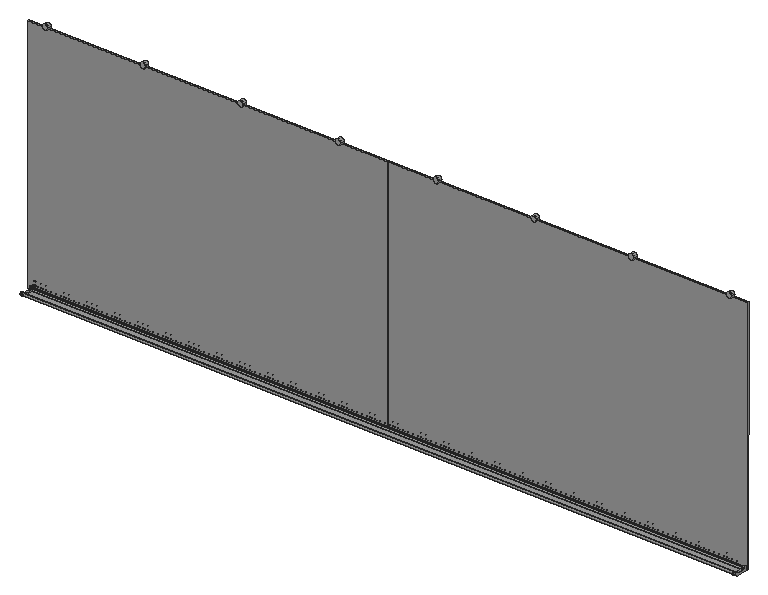
Revit family "Rapport Glass Wall 4x12", category Generic Models, Revit 2018
Family settings
  Can host rebar = No
  Round Connector Dimension = Use Diameter
  Part Type = Normal
  Work Plane-Based = No
  Always vertical = Yes
  Cut with Voids When Loaded = No
  Shared = No
  Room Calculation Point = No
Parameters
  Panel #2 = Rapport Glass Wall 4x12 Panel #2
  Panel #1 = Rapport Glass Wall 4x12 Panel #1
Reference planes (in)
  plane 1 "Center (Front/Back)": y = 0
  plane 2: z = 0
  plane 3 "Center (Left/Right)": x = 0
Forms (in)
  Extrusion 1, solid, material "Rapport Glass Wall Trim Metal"
    sketch origin (-59.06205, 0, 18) x (0, 1, 0) y (0, 0, 1)
      loop
        line (-0.28802, 12.71551) -> (-0.28802, 12.22363) -> (-0.48802, 12.22363) -> (-0.48802, 12.77363) -> (-0.60087, 12.77363)
        arc (-0.60087, 12.77363) -> (-0.62209, 12.76485) -> (-0.63087, 12.74363) r 0.03
        line (-0.63087, 12.74363) -> (-0.63087, 12.45418)
        arc (-0.63087, 12.45418) -> (-0.67788, 12.32564) -> (-0.79672, 12.25776) r 0.19924
        arc (-0.79672, 12.25776) -> (-0.86084, 12.24904) -> (-0.92548, 12.24613) r 0.7187
        line (-0.92548, 12.24613) -> (-1.97548, 12.24613)
        arc (-1.97548, 12.24613) -> (-2.26159, 12.30205) -> (-2.50559, 12.4616) r 0.75985
        arc (-2.50559, 12.4616) -> (-2.80704, 12.55283) -> (-2.79142, 12.23827) r 0.19261
        arc (-2.79142, 12.23827) -> (-2.48945, 12.06146) -> (-2.14496, 12) r 0.99607
        line (-2.14496, 12) -> (0, 12) -> (0, 12.30193)
        arc (0, 12.30193) -> (-0.0275, 12.32943) -> (-0.055, 12.30193) r 0.0275
        line (-0.055, 12.30193) -> (-0.055, 12.20843) -> (-0.20802, 12.20843) -> (-0.20802, 12.69439) -> (-0.0848, 12.81762)
        arc (-0.0848, 12.81762) -> (-0.06815, 12.82253) -> (-0.055, 12.81121) r 0.01814
        line (-0.055, 12.81121) -> (-0.055, 12.65693)
        arc (-0.055, 12.65693) -> (-0.0275, 12.62943) -> (0, 12.65693) r 0.0275
        line (0, 12.65693) -> (0, 13.70847)
        arc (0, 13.70847) -> (-0.03996, 13.74843) -> (-0.07993, 13.70847) r 0.03996
        line (-0.07993, 13.70847) -> (-0.07993, 13.62094)
        arc (-0.07993, 13.62094) -> (-0.07047, 13.60109) -> (-0.05, 13.59302) r 0.03
        line (-0.05, 13.59302) -> (-0.05, 13.15338)
        arc (-0.05, 13.15338) -> (-0.07121, 13.14459) -> (-0.08, 13.12338) r 0.03
        line (-0.08, 13.12338) -> (-0.08, 12.92353) -> (-0.28802, 12.71551)
    from -11.31295 to 129.43705
  Extrusion 2, solid, material "Rapport Glass Wall 4x12 Panel #1" <- "Panel #1"
    sketch origin (-59.06205, 0, -5.35978) x (0, 1, 0) y (0, 0, 1)
      loop
        line (-0.48802, 35.58341) -> (-0.28802, 35.58341) -> (-0.28802, 82.8275) -> (-0.48802, 82.8275) -> (-0.48802, 35.58341)
    from -11.81795 to 59.06205
  Extrusion 3, solid, material "Rapport Glass Wall Trim Black"
    sketch origin (-24.18473, 0, 18) x (0, 1, 0) y (0, 0, -1)
      loop
        line (-0.48802, -12.80488) -> (-0.48802, -11.96875) -> (-2.14496, -11.96875)
        arc (-2.14496, -11.96875) -> (-2.49924, -12.03177) -> (-2.81005, -12.2131) r 1.02732
        arc (-2.81005, -12.2131) -> (-2.82851, -12.57569) -> (-2.47857, -12.47895) r 0.22386
        arc (-2.47857, -12.47895) -> (-2.24646, -12.32965) -> (-1.97548, -12.27738) r 0.7286
        line (-1.97548, -12.27738) -> (-0.92548, -12.27738)
        arc (-0.92548, -12.27738) -> (-0.86355, -12.28017) -> (-0.80213, -12.28853) r 0.68745
        arc (-0.80213, -12.28853) -> (-0.70181, -12.34573) -> (-0.66212, -12.45418) r 0.16799
        line (-0.66212, -12.45418) -> (-0.66212, -12.74363)
        arc (-0.66212, -12.74363) -> (-0.64418, -12.78694) -> (-0.60087, -12.80488) r 0.06125
        line (-0.60087, -12.80488) -> (-0.48802, -12.80488)
    from 45.75863 to 46.29027
  Extrusion 4, solid, material "Rapport Glass Wall Trim Black"
    sketch origin (24.18473, 0, 18) x (0, 1, 0) y (0, 0, 1)
      loop
        line (-0.48802, 12.80488) -> (-0.60087, 12.80488)
        arc (-0.60087, 12.80488) -> (-0.64418, 12.78694) -> (-0.66212, 12.74363) r 0.06125
        line (-0.66212, 12.74363) -> (-0.66212, 12.45418)
        arc (-0.66212, 12.45418) -> (-0.70181, 12.34573) -> (-0.80213, 12.28853) r 0.16799
        arc (-0.80213, 12.28853) -> (-0.86355, 12.28017) -> (-0.92548, 12.27738) r 0.68745
        line (-0.92548, 12.27738) -> (-1.97548, 12.27738)
        arc (-1.97548, 12.27738) -> (-2.24646, 12.32965) -> (-2.47857, 12.47895) r 0.7286
        arc (-2.47857, 12.47895) -> (-2.82851, 12.57569) -> (-2.81005, 12.2131) r 0.22386
        arc (-2.81005, 12.2131) -> (-2.49924, 12.03177) -> (-2.14496, 11.96875) r 1.02732
        line (-2.14496, 11.96875) -> (-0.48802, 11.96875) -> (-0.48802, 12.80488)
    from 45.75863 to 46.29027
  Extrusion 5, solid, material "Rapport Glass Wall Trim Metal"
    sketch origin (-35.44, 0, 0) x (1, 0, 0) y (0, 0, 1)
      loop
        circle (-31.93088, 77.61709) r 0.53038
    from 0 to 0.61802
  Extrusion 6, solid, material "Rapport Glass Wall 4x12 Panel #2" <- "Panel #2"
    sketch origin (59.06205, 0, -5.35978) x (0, 1, 0) y (0, 0, -1)
      loop
        line (-0.48802, -35.58341) -> (-0.48802, -82.8275) -> (-0.28802, -82.8275) -> (-0.28802, -35.58341) -> (-0.48802, -35.58341)
    from -11.81795 to 59.06205
  Extrusion 7, solid, material "Rapport Glass Wall Trim Metal"
    sketch origin (99.30176, 0, 0) x (1, 0, 0) y (0, 0, 1)
      loop
        circle (-31.93088, 77.61709) r 0.53038
    from 0 to 0.61802
  Extrusion 8, solid, material "Rapport Glass Wall Trim Metal"
    sketch origin (-16.19118, 0, 0) x (1, 0, 0) y (0, 0, 1)
      loop
        circle (-31.93088, 77.61709) r 0.53038
    from 0 to 0.61802
  Extrusion 9, solid, material "Rapport Glass Wall Trim Metal"
    sketch origin (3.05765, 0, 0) x (1, 0, 0) y (0, 0, 1)
      loop
        circle (-31.93088, 77.61709) r 0.53038
    from 0 to 0.61802
  Extrusion 10, solid, material "Rapport Glass Wall Trim Metal"
    sketch origin (22.30647, 0, 0) x (1, 0, 0) y (0, 0, 1)
      loop
        circle (-31.93088, 77.61709) r 0.53038
    from 0 to 0.61802
  Extrusion 11, solid, material "Rapport Glass Wall Trim Metal"
    sketch origin (41.55529, 0, 0) x (1, 0, 0) y (0, 0, 1)
      loop
        circle (-31.93088, 77.61709) r 0.53038
    from 0 to 0.61802
  Extrusion 12, solid, material "Rapport Glass Wall Trim Metal"
    sketch origin (60.80412, 0, 0) x (1, 0, 0) y (0, 0, 1)
      loop
        circle (-31.93088, 77.61709) r 0.53038
    from 0 to 0.61802
  Extrusion 13, solid, material "Rapport Glass Wall Trim Metal"
    sketch origin (80.05294, 0, 0) x (1, 0, 0) y (0, 0, 1)
      loop
        circle (-31.93088, 77.61709) r 0.53038
    from 0 to 0.61802
Dimensions and locks (in)
  equal spacing: group 1, group 3, group 4, group 5, group 6, group 7, group 8, group 2  (x3)
  aligned and locked: plane 2 to level
